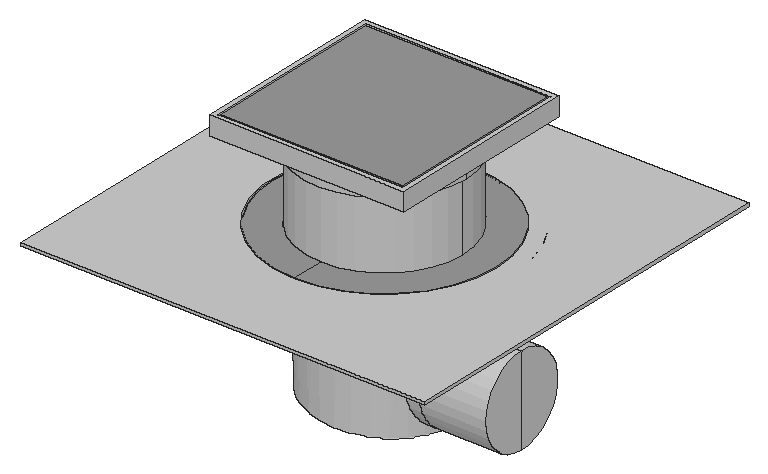
Revit family "HL_Дворовый трап серии Perfekt_HL615HW", category Instalační zařizovací předměty, Revit 2016
Family settings
  Typ součásti = Normální
  Kóta kulaté spojky = Použít průměr
  Číslo OmniClass = 23.70.50.21.24.14
  Nadpis OmniClass = Deck Waste Water Drains
  Založené na pracovní rovině = Ne
  Vždy vertikální = Ano
  Ořezat dutým tvarem při načtení = Ne
  Sdílené = Ne
  Bod výpočtu místnosti = Ano
Parameters
  РЕШЁТКА = ""
  РАЗМЕР = ""
  ПРОПУСКНАЯ СПОСОБНОСТЬ [instance] = 0.0 L/s
  ПРОИЗВОДИТЕЛЬНОСТЬ = ""
  ПРАВОВАЯ ИНФОРМАЦИЯ = ""
  НОМИНАЛЬНЫЙ ДИАМЕТР = 110 mm
  НАСАДКА = ""
  МАТЕРИАЛ = ""
  МАКСИМАЛЬНАЯ НАГРУЗКА КЛАССА = ""
  ВЫСОТА МОНТАЖА = ""
  ВЕС = ""
  Manufacturer = ""
  URL = ""
  Материал плитка [instance] = none
  Připojení ventilace = no
  Připojení odpadu = yes
  Připojení HW = no
  Připojení CW = no
  Description = ""
  Model = ""
  Assembly Code = " "
  Type Comments = ""
  Keynote = ""
  IH [instance] = Высота монтажа 1 + Высота монтажа 2  # 130 mm
  Высота монтажа 2 [instance] = 0 mm
  Высота монтажа 1 [instance] = 130 mm
  G [instance] = 90.00°  # constant formula
  EAN = ""
  D [instance] = 170 mm
  C [instance] = if(IH - 68 mm < 0 mm, 0 mm, IH - 68 mm)  # 62 mm
  B [instance] = 134.4 mm + IH  # 264.4 mm
  A [instance] = if(B - 100 mm > 15 mm, B - 100 mm, 15 mm)  # 164.4 mm
Types (2, lengths in mm): name | РЕШЁТКА | РАЗМЕР | ПРОИЗВОДИТЕЛЬНОСТЬ | ПРАВОВАЯ ИНФОРМАЦИЯ | НАСАДКА | МАТЕРИАЛ | МАКСИМАЛЬНАЯ НАГРУЗКА КЛАССА | ВЫСОТА МОНТАЖА | ВЕС | Manufacturer | URL | Description | Model | Type Comments | Keynote | EAN
  (no name) | "" | "" | "" | "" | "" | "" | "" | "" | "" | "" | "" | "" | "" | "" | "" | ""
  HL_Дворовый трап серии Perfekt_HL615HW | "Gusseisen 226 x 226 mm" | "DN110" | "2,5 l/s" | "\"Авторские права(©), права на дизайн или какие либо другие права интелектуальной собственности являются исключительной собственностью компании HL Hutterer & Lechner. Изменению не подлежит. Файл семейства с данными о прозводителе изделия защищен паролем с водяным знаком.\"" | "42-130mm/240x240mm" | "PP" | "L - 1,5 t" | "218 mm" | "8,79 kg" | "HL Hutterer & Lechner GmbH" | "http://www.hutterer-lechner.com/ru/products/catalog/roof-drains/HL615HW.aspx" | "Дворовый трап серии Perfekt DN110 горизонтальный выпуск" | "HL615HW" | "Дворовый трап серии Perfekt DN110 горизонтальный с битумным полотном, 240х240мм ПП/226х226мм чугун с водяным затвором." | "HL615HW" | "9003076011445"
Reference planes
  plane 1 "Center (Front/Back)": y = 0
  plane 2: z = 0
  plane 3 "Center (Left/Right)": x = 0
  plane 4: z = -264.4
  plane 5: z = -130
  plane 6: z = -130
Lines and regions (mm)
  model lines, style "InvisibleLines"
    curve 1: line (0, 0, 0) -> (0, 0, 20)
  model lines, style "PlumbingFixtures", detail levels coarse+medium
    curve 2: line (0, 0, -264.4) -> (0, 0, -100)
    curve 3: line (0, 0, -100) -> (-100, 0, 0)
    curve 4: line (0, 0, -100) -> (100, 0, 0)
    curve 6: line (0, 0, -264.4) -> (170, 0, -264.4)
  reference lines, not visible
    curve 5: line (0, 0, -264.4) -> (170, 0, -264.4)
  symbolic lines, style "PlumbingFixtures", detail levels coarse+medium
    curve 7: line (-75, 75, 0) -> (75, 75, 0)
    curve 8: line (-75, -75, 0) -> (-75, 75, 0)
    curve 9: line (75, -75, 0) -> (-75, -75, 0)
    curve 10: line (75, 75, 0) -> (75, -75, 0)
    curve 11: line (-75, 75, 0) -> (-145.711, 145.711, 0)
    curve 12: line (75, 75, 0) -> (145.711, 145.711, 0)
    curve 13: line (-75, -75, 0) -> (-145.711, -145.711, 0)
    curve 14: line (75, -75, 0) -> (145.711, -145.711, 0)
  symbolic lines, style "PlumbingFixtures", not visible, detail levels coarse+medium
    curve 15: line (-75, 75, 0) -> (75, 75, 0)
    curve 16: line (-75, -75, 0) -> (-75, 75, 0)
    curve 17: line (75, -75, 0) -> (-75, -75, 0)
    curve 18: line (75, 75, 0) -> (75, -75, 0)
    curve 19: line (-75, 75, 0) -> (-145.711, 145.711, 0)
    curve 20: line (75, 75, 0) -> (145.711, 145.711, 0)
    curve 21: line (-75, -75, 0) -> (-145.711, -145.711, 0)
    curve 22: line (75, -75, 0) -> (145.711, -145.711, 0)
Text (mm)
  text "FLOOR" at (-162.344, 0, -10.979), in view "Слева"
Dimensions and locks
  "B": plane 2 to plane 4
  "IH": plane 2 to plane 5
  "A": curve 4 to plane 4
  "D": curve 5 to curve 5
  "D": curve 6 to curve 6
  "Высота монтажа 1": plane 2 to plane 6
  locked: curve 4 to plane 3 "Center (Left/Right)" (angle 45.00°)
  locked: plane 3 "Center (Left/Right)" to curve 3 (angle 45.00°)
  "G": angle curve 5 to plane 3 "Center (Left/Right)"
  aligned and locked: level to plane 2
  aligned and locked: plane 2 to curve 4
  aligned and locked: plane 2 to curve 3
  aligned and locked: plane 4 to curve 5
  aligned and locked: curve 5 to plane 3 "Center (Left/Right)"
  aligned and locked: plane 4 to curve 2
  aligned and locked: plane 3 "Center (Left/Right)" to curve 6
  aligned and locked: curve 6 to plane 4
  aligned and locked: nested 1 to plane 3 "Center (Left/Right)"
  aligned and locked: nested 1 to plane 5
  aligned and locked: plane 3 "Center (Left/Right)" to nested 2
  aligned and locked: plane 2 to nested 2
  aligned and locked: plane 3 "Center (Left/Right)" to nested 3
  aligned and locked: nested 3 to nested 2
  aligned and locked: nested 4 to plane 3 "Center (Left/Right)"
  aligned and locked: nested 4 to nested 1
Automatic sketch dimensions
  plane 3 "Center (Left/Right)" to curve 2 = 0 mm
  curve 1 to plane 3 "Center (Left/Right)" = 0 mm
  curve 1 to level = 0 mm
  level to curve 1 = 20 mm
Nested families
  nested 1: "HL-кровельные воронки - корпус-HL615KH" at (0, 0, -132.127), type "HL-кровельные воронки - корпус-HL615KH"
  nested 2: "HL-Надставные элементы-HL621" at (0, 0, 0), Высота монтажа <- "Высота монтажа 1", type "HL-Надставные элементы-HL621"
    with Высота монтажа 130 mm, a 100 mm, Ihmin 42 mm, Ihmax 130 mm
  nested 3: "HL-Песколовка-HL0606.2E" at (0, 0, -22.999), type "HL-Песколовка-HL0606.2E"
  nested 4: "HL-Вкладыш запахозапирающий-HL0605.2E" at (0, 0, -192.289), type "HL-Вкладыш запахозапирающий-HL0605.2E"
Connectors
  piping at (170, 0, -264.4), diameter 110, driven by "ПРОПУСКНАЯ СПОСОБНОСТЬ", driven by "НОМИНАЛЬНЫЙ ДИАМЕТР"
    settings: on curve 5, index 1, connector inside diameter 609.6 mm, connector length 0 mm, flow factor 0, pipe flow 0.0 L/s, pressure drop 0.0 Pa, fitting loss kfactor 0, connector angle 0.00°, fixture units 0, engagement length 0 mm, angle of deflection 0.00°, flow configuration 1, flow direction 2, fitting loss method 0, system type 16, joint type 0, gender type 0, connector reference index -1, connector utility 0, adjustable connector yes, is connector primary yes, connector description ""
Definition of nested family "HL-кровельные воронки - корпус-HL615KH"
  Parameters (values of type "HL-кровельные воронки - корпус-HL615KH")
    РАЗМЕР = "DN110"
    ПРАВОВАЯ ИНФОРМАЦИЯ = "\"Авторские права(©), права на дизайн или какие либо другие права интелектуальной собственности являются исключительной собственностью компании HL Hutterer & Lechner. Изменению не подлежит. Файл семейства с данными о прозводителе изделия защищен паролем с водяным знаком.\""
    МАТЕРИАЛ = "PP"
    ВЫСОТА МОНТАЖА = "190 mm"
    ВЕС = "2,267 kg"
    Manufacturer = "HL Hutterer & Lechner GmbH"
    URL = "http://www.hutterer-lechner.com/ru/products/catalog/roof-drains/HL615KH.aspx"
    Description = "Дворовый трап серии Perfekt DN110 горизонтальный выпуск"
    Model = "HL615KH"
    материал 3 = none
    материал 2 = none
    материал = none
    Type Comments = "Корпус дворового трапа серии Perfekt DN110 горизонтальный с битумным полотном."
    Keynote = "HL615KH"
    EAN = "9003076012893"
    Cost = 0
  Values of the unnamed type that differ from the named types
    РАЗМЕР = ""
    ПРАВОВАЯ ИНФОРМАЦИЯ = ""
    МАТЕРИАЛ = ""
    ВЫСОТА МОНТАЖА = ""
    ВЕС = ""
    Manufacturer = ""
    URL = ""
    Description = ""
    Model = ""
    Type Comments = ""
    Keynote = ""
    EAN = ""
  Reference planes
    plane 1 "Střed (vpředu/vzadu)": y = 0
    plane 2: z = 0
    plane 3 "Střed (vlevo/vpravo)": x = 0
  Forms (mm)
    Revolve 1, solid, material <- "материал", detail levels fine
      sketch origin (0, 0, 16.838) x (1, 0, 0) y (0, 0, 1)
        loop
          line (-102.992, -29.032) -> (-102.992, -49.657) -> (-93.991, -49.657) -> (-93.991, -81.233) -> (-89.525, -81.233) -> (-89.525, -96.233) -> (-87.601, -206.46) -> (0, -206.46) -> (0, -142.233) -> (-85.48, -142.233) -> (-85.48, -77) -> (-90.064, -77) -> (-90.064, -42) -> (-98.519, -42) -> (-98.519, -20.158) -> (-146.118, -20.158) -> (-158.507, -16.838) -> (-158.507, -19.787) -> (-146.081, -23.116) -> (-137.541, -23.116) -> (-137.541, -29.032) -> (-102.992, -29.032)
        axis (0, -16.838) -> (0, -206.46)
      angle from 0 to 360
    Extrusion 2, void
      sketch origin (0, 0, 16.838) x (1, 0, 0) y (0, 0, 1)
        loop
          line (101.097, -207.584) -> (-103.425, -190.313) -> (-103.425, -230.313) -> (101.097, -230.313) -> (101.097, -207.584)
      from -118.5 to 100
    Revolve 3, solid, material <- "материал", detail levels fine
      sketch origin (0, 0, 16.838) x (1, 0, 0) y (0, 0, 1)
        loop
          line (170, -151.233) -> (52.576, -151.233) -> (52.576, -206.233) -> (87.576, -206.233) -> (170, -206.233) -> (170, -151.233)
        axis (52.576, -151.233) -> (170, -151.233)
      angle from 0 to 360
    Extrusion 4, void
      sketch origin (0, 0, 16.838) x (1, 0, 0) y (0, 1, 0)
        loop
          line (53.489, 64) -> (-15, 64) -> (-15, 82.049)
          arc (-15, 82.049) -> (-83.409, 0) -> (-15, -82.049) r 83.409
          line (-15, -82.049) -> (-15, -64) -> (53.489, -64)
          arc (53.489, -64) -> (83.409, 0) -> (53.489, 64) r 83.409
      from -186.135 to -66.314
    Extrusion 5, void
      sketch origin (400, 0, 16.838) x (1, 0, 0) y (0, 1, 0)
        loop
          line (-343.274, 64) -> (-415, 64) -> (-415, -64) -> (-344.352, -64)
          arc (-344.352, -64) -> (-313.891, -0.252) -> (-343.274, 64) r 83.409
      from -186.135 to -66.314
    Extrusion 6, solid, material <- "материал 3", detail levels fine
      sketch origin (0, 0, 0) x (1, 0, 0) y (0, 1, 0)
        loop
          line (250, 250) -> (-250, 250) -> (-250, -250) -> (250, -250) -> (250, 250)
        loop
          circle (0, 0) r 137.541
      from -1.369 to 2.127
    Revolve 7, solid, material <- "материал 2", detail levels fine
      sketch origin (0, 0, 0) x (0, 1, 0) y (0, 0, 1)
        loop
          line (139.097, 2.127) -> (98.528, 2.127) -> (98.528, 0) -> (139.097, 0) -> (139.097, 2.127)
        axis (0, 2.127) -> (0, 0)
      angle from 0 to 360
  Cuts and joins
    Extrusion 2, Extrusion 4 cuts Revolve 1
    Extrusion 2, Extrusion 5 cuts Revolve 3
  Dimensions and locks
    aligned and locked: level to plane 2
Definition of nested family "HL-Надставные элементы-HL621"
  Parameters (values of type "HL-Надставные элементы-HL621")
    РЕШЁТКА = "Gusseisen 226x226mm"
    РАЗМЕР = "d 195mm"
    ПРАВОВАЯ ИНФОРМАЦИЯ = "\"Авторские права(©), права на дизайн или какие либо другие права интелектуальной собственности являются исключительной собственностью компании HL Hutterer & Lechner. Изменению не подлежит. Файл семейства с данными о прозводителе изделия защищен паролем с водяным знаком.\""
    НАСАДКА = "240x240mm"
    МАТЕРИАЛ = "PP, Gusseisen"
    МАКСИМАЛЬНАЯ НАГРУЗКА КЛАССА = "L - 1,5 t"
    ВЫСОТА МОНТАЖА = "144 mm"
    ВЕС = "6,51 [kg]"
    a [instance] = if(Высота монтажа < Ihmin, -10 mm, if(Высота монтажа > Ihmax, -10 mm, Высота монтажа - 30 mm))  # 100 mm
    Manufacturer = "HL Hutterer & Lechner GmbH"
    URL = "http://www.hutterer-lechner.com/ru/products/catalog/roof-drains/HL621.aspx"
    Description = "Надставные элементы"
    Model = "HL621"
    материал 2 = none
    материал = none
    Type Comments = "Насадка d 195мм/240х240мм/226х226мм чугун"
    Keynote = "HL621"
    Высота монтажа [instance] = 130 mm
    Ihmin [instance] = 42 mm
    Ihmax [instance] = 130 mm
    EAN = "9003076014644"
    Cost = 0
  Values of the unnamed type that differ from the named types
    РЕШЁТКА = ""
    РАЗМЕР = ""
    ПРАВОВАЯ ИНФОРМАЦИЯ = ""
    НАСАДКА = ""
    МАТЕРИАЛ = ""
    МАКСИМАЛЬНАЯ НАГРУЗКА КЛАССА = ""
    ВЫСОТА МОНТАЖА = ""
    ВЕС = ""
    Manufacturer = ""
    URL = ""
    Description = ""
    Model = ""
    Type Comments = ""
    Keynote = ""
    EAN = ""
  Reference planes
    plane 1 "Střed (vpředu/vzadu)": y = 0
    plane 2: z = 0
    plane 3 "Střed (vlevo/vpravo)": x = 0
    plane 4: z = -45
    plane 5: z = -145
  Forms (mm)
    Extrusion 1, solid, material <- "материал", detail levels fine
      sketch origin (0, 0, 0) x (1, 0, 0) y (0, 1, 0)
        loop
          line (-112.5, 112.5) -> (-112.5, -112.5) -> (112.5, -112.5) -> (112.5, 112.5) -> (-112.5, 112.5)
      from 0 to -20
    Extrusion 2, solid, material <- "материал 2", detail levels fine
      sketch origin (0, 0, 0) x (1, 0, 0) y (0, 1, 0)
        loop
          line (114.5, -114.5) -> (114.5, 114.5) -> (-114.5, 114.5) -> (-114.5, -114.5) -> (114.5, -114.5)
        loop
          line (-120, 120) -> (-120, -120) -> (120, -120) -> (120, 120) -> (-120, 120)
      from 0 to -20
    Extrusion 3, solid, material <- "материал 2", detail levels fine
      sketch origin (0, 0, 0) x (1, 0, 0) y (0, 1, 0)
        loop
          line (120, -120) -> (120, 120) -> (-120, 120) -> (-120, -120) -> (120, -120)
      from -20 to -23
    Revolve 4, solid, material <- "материал 2", detail levels fine
      sketch origin (0, 0, 0) x (1, 0, 0) y (0, 0, 1)
        loop
          line (0, -23) -> (-101.5, -23) -> (-101.5, -45) -> (0, -45) -> (0, -23)
        axis (0, -45) -> (0, -23)
      angle from 0 to 360
    Revolve 5, solid, material <- "материал 2", detail levels fine
      sketch origin (0, 0, 0) x (1, 0, 0) y (0, 0, 1)
        loop
          line (0, -45) -> (0, -145) -> (97.213, -145) -> (97.213, -45) -> (0, -45)
        axis (0, -45) -> (0, -145)
      angle from 0 to 360
  Cuts and joins
    joined: Extrusion 2, Extrusion 3
  Lines and regions (mm)
    model lines, detail levels fine
      curve 1: line (10.96, 46.315, 0) -> (45.608, 80.964, 0)
      curve 2: line (56.215, 70.357, 0) -> (21.567, 35.709, 0)
      curve 3: line (35.709, 21.567, 0) -> (70.357, 56.215, 0)
      curve 4: line (80.964, 45.608, 0) -> (46.315, 10.96, 0)
      curve 5: line (92, 7.5, 0) -> (72.5, 7.5, 0)
      curve 6: line (92, -7.5, 0) -> (72.5, -7.5, 0)
      curve 7: arc (92, -7.5, 0) -> (99.5, 0, 0) -> (92, 7.5, 0) r 7.5
      curve 8: arc (72.5, -7.5, 0) -> (65, 0, 0) -> (72.5, 7.5, 0) r 7.5
      curve 9: arc (80.964, 45.608, 0) -> (80.964, 56.215, 0) -> (70.357, 56.215, 0) r 7.5
      curve 10: arc (56.215, 70.357, 0) -> (56.215, 80.964, 0) -> (45.608, 80.964, 0) r 7.5
      curve 11: arc (21.567, 35.709, 0) -> (10.96, 35.709, 0) -> (10.96, 46.315, 0) r 7.5
      curve 12: arc (46.315, 10.96, 0) -> (35.709, 10.96, 0) -> (35.709, 21.567, 0) r 7.5
      curve 13: line (7.5, 92, 0) -> (7.5, 72.5, 0)
      curve 14: line (-7.5, 92, 0) -> (-7.5, 72.5, 0)
      curve 15: arc (-7.5, 92, 0) -> (0, 99.5, 0) -> (7.5, 92, 0) r 7.5
      curve 16: arc (-7.5, 72.5, 0) -> (0, 65, 0) -> (7.5, 72.5, 0) r 7.5
      curve 17: line (7.5, -92, 0) -> (7.5, -72.5, 0)
      curve 18: line (-7.5, -92, 0) -> (-7.5, -72.5, 0)
      curve 19: arc (-7.5, -92, 0) -> (0, -99.5, 0) -> (7.5, -92, 0) r 7.5
      curve 20: arc (-7.5, -72.5, 0) -> (0, -65, 0) -> (7.5, -72.5, 0) r 7.5
      curve 21: line (92, -7.5, 0) -> (72.5, -7.5, 0)
      curve 22: line (92, 7.5, 0) -> (72.5, 7.5, 0)
      curve 23: arc (92, 7.5, 0) -> (99.5, 0, 0) -> (92, -7.5, 0) r 7.5
      curve 24: arc (72.5, 7.5, 0) -> (65, 0, 0) -> (72.5, -7.5, 0) r 7.5
      curve 25: line (-92, -7.5, 0) -> (-72.5, -7.5, 0)
      curve 26: arc (-92, -7.5, 0) -> (-99.5, 0, 0) -> (-92, 7.5, 0) r 7.5
      curve 27: arc (-72.5, -7.5, 0) -> (-65, 0, 0) -> (-72.5, 7.5, 0) r 7.5
      curve 28: line (-92, -7.5, 0) -> (-72.5, -7.5, 0)
      curve 29: line (-92, 7.5, 0) -> (-72.5, 7.5, 0)
      curve 30: arc (-92, 7.5, 0) -> (-99.5, 0, 0) -> (-92, -7.5, 0) r 7.5
      curve 31: arc (-72.5, 7.5, 0) -> (-65, 0, 0) -> (-72.5, -7.5, 0) r 7.5
      curve 32: line (-10.96, 46.315, 0) -> (-45.608, 80.964, 0)
      curve 33: line (-56.215, 70.357, 0) -> (-21.567, 35.709, 0)
      curve 34: line (-35.709, 21.567, 0) -> (-70.357, 56.215, 0)
      curve 35: line (-80.964, 45.608, 0) -> (-46.315, 10.96, 0)
      curve 36: arc (-80.964, 45.608, 0) -> (-80.964, 56.215, 0) -> (-70.357, 56.215, 0) r 7.5
      curve 37: arc (-56.215, 70.357, 0) -> (-56.215, 80.964, 0) -> (-45.608, 80.964, 0) r 7.5
      curve 38: arc (-21.567, 35.709, 0) -> (-10.96, 35.709, 0) -> (-10.96, 46.315, 0) r 7.5
      curve 39: arc (-46.315, 10.96, 0) -> (-35.709, 10.96, 0) -> (-35.709, 21.567, 0) r 7.5
      curve 40: line (10.96, -46.315, 0) -> (45.608, -80.964, 0)
      curve 41: line (56.215, -70.357, 0) -> (21.567, -35.709, 0)
      curve 42: line (35.709, -21.567, 0) -> (70.357, -56.215, 0)
      curve 43: line (80.964, -45.608, 0) -> (46.315, -10.96, 0)
      curve 44: arc (80.964, -45.608, 0) -> (80.964, -56.215, 0) -> (70.357, -56.215, 0) r 7.5
      curve 45: arc (56.215, -70.357, 0) -> (56.215, -80.964, 0) -> (45.608, -80.964, 0) r 7.5
      curve 46: arc (21.567, -35.709, 0) -> (10.96, -35.709, 0) -> (10.96, -46.315, 0) r 7.5
      curve 47: arc (46.315, -10.96, 0) -> (35.709, -10.96, 0) -> (35.709, -21.567, 0) r 7.5
      curve 48: line (-10.96, -46.315, 0) -> (-45.608, -80.964, 0)
      curve 49: line (-56.215, -70.357, 0) -> (-21.567, -35.709, 0)
      curve 50: line (-35.709, -21.567, 0) -> (-70.357, -56.215, 0)
      curve 51: line (-80.964, -45.608, 0) -> (-46.315, -10.96, 0)
      curve 52: arc (-80.964, -45.608, 0) -> (-80.964, -56.215, 0) -> (-70.357, -56.215, 0) r 7.5
      curve 53: arc (-56.215, -70.357, 0) -> (-56.215, -80.964, 0) -> (-45.608, -80.964, 0) r 7.5
      curve 54: arc (-21.567, -35.709, 0) -> (-10.96, -35.709, 0) -> (-10.96, -46.315, 0) r 7.5
      curve 55: arc (-46.315, -10.96, 0) -> (-35.709, -10.96, 0) -> (-35.709, -21.567, 0) r 7.5
  Dimensions and locks
    locked: plane 2 to plane 4 at 45
    "a": plane 4 to Revolve 5 sketch curve
    locked: plane 2 to plane 5 at 145
    aligned and locked: level to plane 2
    aligned and locked: plane 4 to Revolve 5 sketch curve
  Automatic sketch dimensions
    curve 7 to curve 23 = 0 mm  (x2)
    curve 8 to curve 24 = 0 mm  (x2)
    curve 26 to curve 30 = 0 mm  (x2)
    curve 27 to curve 31 = 0 mm  (x2)
    plane 1 "Střed (vpředu/vzadu)" to curve 26 = 0 mm
    curve 16 to plane 3 "Střed (vlevo/vpravo)" = 0 mm
    curve 20 to plane 3 "Střed (vlevo/vpravo)" = 0 mm
    plane 1 "Střed (vpředu/vzadu)" to curve 24 = 0 mm
    curve 18 to plane 3 "Střed (vlevo/vpravo)" = 7.5 mm
    curve 14 to plane 3 "Střed (vlevo/vpravo)" = 7.5 mm
    curve 32 to plane 3 "Střed (vlevo/vpravo)" = 10.96 mm
    curve 48 to plane 3 "Střed (vlevo/vpravo)" = 10.96 mm
    curve 54 to curve 54 = 5.303 mm  (x2)
    curve 38 to curve 38 = 5.303 mm  (x2)
    curve 49 to curve 54 = 5.303 mm
    curve 33 to curve 38 = 5.303 mm
    curve 34 to curve 33 = 14.142 mm
    curve 50 to curve 49 = 14.142 mm
    curve 39 to curve 34 = 5.303 mm
    curve 55 to curve 50 = 5.303 mm
    curve 48 to curve 20 = 38.108 mm
    curve 32 to curve 14 = 38.108 mm
    curve 35 to plane 1 "Střed (vpředu/vzadu)" = 10.96 mm
    curve 35 to curve 39 = 5.303 mm
    plane 1 "Střed (vpředu/vzadu)" to curve 51 = 10.96 mm
    curve 51 to curve 55 = 5.303 mm
    curve 53 to curve 48 = 5.303 mm
    curve 37 to curve 32 = 5.303 mm
    curve 49 to curve 53 = 5.303 mm
    curve 33 to curve 37 = 5.303 mm  (x2)
    curve 34 to curve 37 = 14.142 mm
    curve 50 to curve 53 = 14.142 mm
    curve 27 to curve 39 = 26.185 mm
    curve 36 to curve 34 = 5.303 mm
    curve 52 to curve 50 = 5.303 mm
    curve 35 to plane 1 "Střed (vpředu/vzadu)" = 45.608 mm
    curve 35 to curve 36 = 5.303 mm  (x2)
    plane 1 "Střed (vpředu/vzadu)" to curve 51 = 45.608 mm
    curve 51 to curve 52 = 5.303 mm
    plane 1 "Střed (vpředu/vzadu)" to curve 28 = 7.5 mm
    curve 28 to curve 25 = 19.5 mm
    plane 3 "Střed (vlevo/vpravo)" to curve 1 = 10.96 mm
    plane 3 "Střed (vlevo/vpravo)" to curve 40 = 10.96 mm
    curve 11 to curve 11 = 5.303 mm
    curve 46 to curve 46 = 5.303 mm  (x2)
    curve 11 to curve 2 = 5.303 mm
    curve 46 to curve 41 = 5.303 mm
    curve 2 to curve 3 = 14.142 mm
    curve 41 to curve 42 = 14.142 mm  (x3)
    curve 42 to curve 47 = 5.303 mm
    curve 3 to curve 12 = 5.303 mm
    curve 13 to curve 1 = 38.108 mm
    curve 17 to curve 40 = 38.108 mm
    plane 1 "Střed (vpředu/vzadu)" to curve 43 = 10.96 mm
    curve 47 to curve 43 = 5.303 mm
    curve 4 to plane 1 "Střed (vpředu/vzadu)" = 10.96 mm
    curve 12 to curve 4 = 5.303 mm
    curve 1 to curve 10 = 5.303 mm
    curve 40 to curve 45 = 5.303 mm
    curve 45 to curve 41 = 5.303 mm  (x2)
    curve 10 to curve 2 = 5.303 mm
    curve 10 to curve 3 = 14.142 mm
    curve 43 to curve 24 = 26.185 mm
    curve 42 to curve 44 = 5.303 mm
    curve 3 to curve 9 = 5.303 mm
    plane 1 "Střed (vpředu/vzadu)" to curve 43 = 45.608 mm
    curve 44 to curve 43 = 5.303 mm
    curve 4 to plane 1 "Střed (vpředu/vzadu)" = 45.608 mm
    curve 9 to curve 4 = 5.303 mm
    curve 5 to plane 1 "Střed (vpředu/vzadu)" = 7.5 mm
    curve 22 to curve 5 = 19.5 mm
    plane 1 "Střed (vpředu/vzadu)" to curve 48 = 46.315 mm
    curve 48 to curve 40 = 0 mm
    curve 52 to curve 52 = 5.303 mm
    curve 44 to curve 44 = 5.303 mm
    curve 49 to curve 50 = 14.142 mm
    curve 17 to curve 40 = 26.185 mm
    curve 53 to curve 49 = 5.303 mm
    curve 17 to curve 20 = 19.5 mm
    curve 42 to curve 47 = 10.607 mm
    curve 50 to curve 51 = 10.607 mm
    curve 4 to curve 12 = 5.303 mm
    curve 39 to curve 39 = 5.303 mm
    curve 39 to curve 33 = 14.142 mm
    curve 12 to curve 2 = 14.142 mm
    curve 2 to curve 11 = 5.303 mm
    curve 9 to curve 9 = 5.303 mm
    curve 3 to curve 2 = 14.142 mm
    curve 36 to curve 33 = 14.142 mm
    curve 11 to curve 13 = 26.185 mm
    curve 2 to curve 10 = 5.303 mm
    curve 14 to curve 14 = 19.5 mm
    Extrusion 1 sketch curve to plane 3 "Střed (vlevo/vpravo)" = 112.5 mm
    plane 3 "Střed (vlevo/vpravo)" to Extrusion 1 sketch curve = 112.5 mm
    plane 1 "Střed (vpředu/vzadu)" to Extrusion 1 sketch curve = 112.5 mm
    Extrusion 1 sketch curve to plane 1 "Střed (vpředu/vzadu)" = 112.5 mm
    Extrusion 2 sketch curve to plane 3 "Střed (vlevo/vpravo)" = 120 mm
    Extrusion 2 sketch curve to Extrusion 2 sketch curve = 5.5 mm  (x4)
    plane 3 "Střed (vlevo/vpravo)" to Extrusion 2 sketch curve = 114.5 mm
    plane 1 "Střed (vpředu/vzadu)" to Extrusion 2 sketch curve = 120 mm
    Extrusion 2 sketch curve to plane 1 "Střed (vpředu/vzadu)" = 114.5 mm
    Extrusion 3 sketch curve to plane 3 "Střed (vlevo/vpravo)" = 120 mm
    plane 3 "Střed (vlevo/vpravo)" to Extrusion 3 sketch curve = 120 mm
    plane 1 "Střed (vpředu/vzadu)" to Extrusion 3 sketch curve = 120 mm
    Extrusion 3 sketch curve to plane 1 "Střed (vpředu/vzadu)" = 120 mm
    Revolve 4 sketch curve to plane 4 = 0 mm
    Revolve 4 sketch curve to plane 3 "Střed (vlevo/vpravo)" = 0 mm  (x2)
    plane 4 to Revolve 4 sketch curve = 22 mm
    Revolve 4 sketch curve to plane 3 "Střed (vlevo/vpravo)" = 101.5 mm
    level to Revolve 4 sketch curve = 32 mm
    Revolve 4 sketch curve to Revolve 4 sketch curve = 90 mm
    Revolve 5 sketch curve to plane 3 "Střed (vlevo/vpravo)" = 0 mm  (x2)
    plane 3 "Střed (vlevo/vpravo)" to Revolve 5 sketch curve = 97.213 mm
    Revolve 5 sketch curve to Revolve 5 sketch curve = 38.999 mm
    Revolve 5 sketch curve to Revolve 5 sketch curve = 140 mm
Definition of nested family "HL-Песколовка-HL0606.2E"
  Parameters (values of type "HL-Песколовка-HL0606.2E")
    ПРАВОВАЯ ИНФОРМАЦИЯ = "\"Авторские права(©), права на дизайн или какие либо другие права интелектуальной собственности являются исключительной собственностью компании HL Hutterer & Lechner. Изменению не подлежит. Файл семейства с данными о прозводителе изделия защищен паролем с водяным знаком.\""
    МАТЕРИАЛ = "PP"
    ВЕС = "0,09 kg"
    Manufacturer = "HL Hutterer & Lechner GmbH"
    URL = "http://www.hutterer-lechner.com/ru/products/catalog/roof-drains/HL0606.2E.aspx"
    Description = "Песколовка"
    Model = "HL0606.2E"
    материал = none
    Type Comments = "Песколовка"
    Keynote = "HL0606.2E"
    EAN = "9003076060627"
    Cost = 0
  Values of the unnamed type that differ from the named types
    ПРАВОВАЯ ИНФОРМАЦИЯ = ""
    МАТЕРИАЛ = ""
    ВЕС = ""
    Manufacturer = ""
    URL = ""
    Description = ""
    Model = ""
    Type Comments = ""
    Keynote = ""
    EAN = ""
  Reference planes
    plane 1 "Střed (vpředu/vzadu)": y = 0
    plane 2: z = 0
    plane 3 "Střed (vlevo/vpravo)": x = 0
  Forms (mm)
    Revolve 1, solid, material <- "материал", detail levels fine
      sketch origin (0, 0, 0) x (1, 0, 0) y (0, 0, 1)
        loop
          line (0, -55.952) -> (0, -58.018) -> (57.601, -56.006)
          arc (57.601, -56.006) -> (65.932, -53.053) -> (69.532, -44.98) r 11.208
          line (69.532, -44.98) -> (72.482, -41.586) -> (75.031, -12.448) -> (75.865, -6.515)
          arc (75.865, -6.515) -> (76.428, -5.156) -> (77.786, -4.594) r 1.921
          line (77.786, -4.594) -> (95.979, -3.002) -> (95.979, -0.001) -> (73.246, -1.99) -> (69.436, -41.391) -> (67.501, -43.326)
          arc (67.501, -43.326) -> (65.111, -51.02) -> (57.603, -53.94) r 9.273
          line (57.603, -53.94) -> (0, -55.952)
        axis (0, -58.018) -> (0, -0.001)
      angle from 0 to 360
  Dimensions and locks
    aligned and locked: level to plane 2
Definition of nested family "HL-Вкладыш запахозапирающий-HL0605.2E"
  Parameters
    ПРАВОВАЯ ИНФОРМАЦИЯ = ""
    МАТЕРИАЛ = ""
    ВЕС = ""
    Manufacturer = ""
    URL = ""
    Description = ""
    Model = ""
    материал 2 = none
    материал = none
    Type Comments = ""
    Keynote = ""
    EAN = ""
    Cost = 0
  Types (2, lengths in mm): name | ПРАВОВАЯ ИНФОРМАЦИЯ | МАТЕРИАЛ | ВЕС | Manufacturer | URL | Description | Model | Type Comments | Keynote | EAN
    (no name) | "" | "" | "" | "" | "" | "" | "" | "" | "" | ""
    HL-Вкладыш запахозапирающий-HL0605.2E | "\"Авторские права(©), права на дизайн или какие либо другие права интелектуальной собственности являются исключительной собственностью компании HL Hutterer & Lechner. Изменению не подлежит. Файл семейства с данными о прозводителе изделия защищен паролем с водяным знаком.\"" | "PP" | "0,192 kg" | "HL Hutterer & Lechner GmbH" | "http://www.hutterer-lechner.com/ru/products/catalog/roof-drains/HL0605.2E.aspx" | "Вкладыш запахозапирающий" | "HL0605.2E" | "Вкладыш водяного затвора комплектный" | "HL0605.2E" | "9003076009725"
  Reference planes
    plane 1 "Střed (vpředu/vzadu)": y = 0
    plane 2: z = 0
    plane 3 "Střed (vlevo/vpravo)": x = 0
  Forms (mm)
    Revolve 1, solid, material <- "материал 2", detail levels fine
      sketch origin (0, 0, 0) x (1, 0, 0) y (0, 0, 1)
        loop
          line (88, -3) -> (88, 0) -> (82.921, 0) -> (82.921, -1.338) -> (78.867, -6.169) -> (78.867, -19.629) -> (76.315, -48.796)
          arc (76.315, -48.796) -> (75.558, -51.125) -> (73.796, -52.827) r 5.066
          line (73.796, -52.827) -> (58.029, -61.938) -> (58.029, -93.034) -> (53.399, -98) -> (41.859, -98) -> (41.859, -83.043) -> (45.35, -83.043) -> (45.35, -33) -> (29.878, -33) -> (29.878, -100) -> (52.94, -100)
          arc (52.94, -100) -> (57.932, -97.932) -> (60, -92.939) r 7.061
          line (60, -92.939) -> (60, -65.894)
          arc (60, -65.894) -> (60.671, -63.394) -> (62.5, -61.564) r 5.003
          line (62.5, -61.564) -> (74.706, -54.511)
          arc (74.706, -54.511) -> (77.106, -52.212) -> (78.174, -49.065) r 6.994
          line (78.174, -49.065) -> (81.088, -15.754) -> (83.996, -15.499) -> (83.996, -12.378)
          arc (83.996, -12.378) -> (85.775, -10) -> (83.996, -7.623) r 2.478
          line (83.996, -7.623) -> (83.996, -3) -> (88, -3)
        axis (0, 0) -> (0, -100)
      angle from 0 to 360
    Revolve 2, solid, material <- "материал", detail levels fine
      sketch origin (0, 0, 0) x (1, 0, 0) y (0, 0, 1)
        loop
          line (47.229, -83.043) -> (47.229, -28.043)
          arc (47.229, -28.043) -> (43.63, -19.353) -> (34.94, -15.754) r 12.289
          line (34.94, -15.754) -> (0, -15.754) -> (0, -48.796) -> (45.35, -48.796) -> (45.35, -83.043) -> (47.229, -83.043)
        axis (0, -83.043) -> (0, -15.754)
      angle from 0 to 360
  Dimensions and locks
    aligned and locked: level to plane 2
